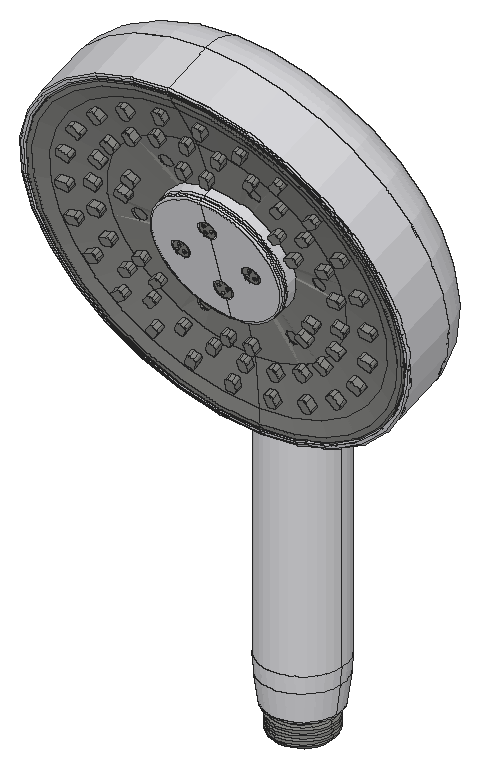
Revit family "Shower-Handshower-KOHLER-Statement_Round-K-R28694T_1", category Plumbing Fixtures, host Face, Revit 2021 (continued)
Definition of nested family "K-R28694T"
  Lines and regions (in)
    symbolic lines, detail levels medium+fine
      curve 190: spline (-2.05245, 0, 6.14587) -> (-2.0571, 0, 6.14507) -> (-2.0616, 0, 6.14369) -> (-2.06586, 0, 6.14176) -> (-2.06982, 0, 6.13931) -> (-2.0734, 0, 6.13639) -> (-2.07654, 0, 6.13305) -> (-2.0792, 0, 6.12934) -> (-2.08132, 0, 6.12534) -> (-2.08286, 0, 6.12109) -> (-2.08381, 0, 6.11669) -> (-2.08414, 0, 6.11221) -> (-2.08385, 0, 6.10772)
      curve 191: spline (-2.08385, 0, 6.10772) -> (-2.08332, 0, 6.10356) -> (-2.08278, 0, 6.09941) -> (-2.08224, 0, 6.09526) -> (-2.08171, 0, 6.09111) -> (-2.08117, 0, 6.08696) -> (-2.08064, 0, 6.08281) -> (-2.0801, 0, 6.07866) -> (-2.07956, 0, 6.07451) -> (-2.07903, 0, 6.07036) -> (-2.07849, 0, 6.06621) -> (-2.07796, 0, 6.06205) -> (-2.07742, 0, 6.0579)
      curve 192: spline (-2.07742, 0, 6.0579) -> (-2.07654, 0, 6.05348) -> (-2.07505, 0, 6.04919) -> (-2.07299, 0, 6.04512) -> (-2.0704, 0, 6.04134) -> (-2.0673, 0, 6.03791) -> (-2.06377, 0, 6.03489) -> (-2.05985, 0, 6.03233) -> (-2.05562, 0, 6.03028) -> (-2.05115, 0, 6.02876) -> (-2.04651, 0, 6.02781) -> (-2.04178, 0, 6.02745) -> (-2.03705, 0, 6.02767)
      curve 193: spline (-2.03705, 0, 6.02767) -> (-2.02811, 0, 6.02865) -> (-2.01917, 0, 6.02964) -> (-2.01023, 0, 6.03062) -> (-2.00129, 0, 6.0316) -> (-1.99235, 0, 6.03259) -> (-1.98341, 0, 6.03357) -> (-1.97448, 0, 6.03456) -> (-1.96554, 0, 6.03554) -> (-1.9566, 0, 6.03653) -> (-1.94766, 0, 6.03751) -> (-1.93872, 0, 6.0385) -> (-1.92978, 0, 6.03948)
      curve 194: spline (-1.92978, 0, 6.03948) -> (-1.92511, 0, 6.0403) -> (-1.9206, 0, 6.04168) -> (-1.91632, 0, 6.04362) -> (-1.91235, 0, 6.04607) -> (-1.90876, 0, 6.049) -> (-1.9056, 0, 6.05236) -> (-1.90294, 0, 6.05608) -> (-1.90081, 0, 6.0601) -> (-1.89926, 0, 6.06435) -> (-1.89831, 0, 6.06877) -> (-1.89797, 0, 6.07327) -> (-1.89826, 0, 6.07778)
      curve 195: spline (-1.89826, 0, 6.07778) -> (-1.8988, 0, 6.08192) -> (-1.89933, 0, 6.08606) -> (-1.89987, 0, 6.0902) -> (-1.9004, 0, 6.09434) -> (-1.90094, 0, 6.09848) -> (-1.90147, 0, 6.10263) -> (-1.90201, 0, 6.10677) -> (-1.90254, 0, 6.11091) -> (-1.90308, 0, 6.11505) -> (-1.90361, 0, 6.11919) -> (-1.90415, 0, 6.12333) -> (-1.90468, 0, 6.12748)
      curve 196: spline (-1.90468, 0, 6.12748) -> (-1.90556, 0, 6.1319) -> (-1.90705, 0, 6.13619) -> (-1.90911, 0, 6.14026) -> (-1.91171, 0, 6.14404) -> (-1.9148, 0, 6.14747) -> (-1.91833, 0, 6.15049) -> (-1.92225, 0, 6.15305) -> (-1.92648, 0, 6.1551) -> (-1.93096, 0, 6.15662) -> (-1.93559, 0, 6.15756) -> (-1.94032, 0, 6.15793) -> (-1.94505, 0, 6.1577)
      curve 197: spline (-1.88395, 0, 5.53922) -> (-1.8756, 0, 5.54236) -> (-1.86725, 0, 5.54551) -> (-1.8589, 0, 5.54866) -> (-1.85055, 0, 5.55181) -> (-1.8422, 0, 5.55496) -> (-1.83385, 0, 5.55811) -> (-1.8255, 0, 5.56125) -> (-1.81715, 0, 5.5644) -> (-1.8088, 0, 5.56755) -> (-1.80044, 0, 5.5707) -> (-1.79209, 0, 5.57385) -> (-1.78374, 0, 5.577)
      curve 198: spline (-1.93117, 0, 5.55864) -> (-1.92912, 0, 5.55456) -> (-1.92654, 0, 5.55077) -> (-1.92345, 0, 5.54732) -> (-1.91991, 0, 5.54429) -> (-1.91599, 0, 5.54172) -> (-1.91175, 0, 5.53965) -> (-1.90727, 0, 5.53813) -> (-1.90262, 0, 5.53718) -> (-1.89788, 0, 5.53681) -> (-1.89313, 0, 5.53703) -> (-1.88846, 0, 5.53784) -> (-1.88395, 0, 5.53922)
      curve 199: spline (-1.95088, 0, 5.60503) -> (-1.94924, 0, 5.60116) -> (-1.9476, 0, 5.5973) -> (-1.94595, 0, 5.59343) -> (-1.94431, 0, 5.58956) -> (-1.94267, 0, 5.5857) -> (-1.94103, 0, 5.58183) -> (-1.93938, 0, 5.57797) -> (-1.93774, 0, 5.5741) -> (-1.9361, 0, 5.57024) -> (-1.93446, 0, 5.56637) -> (-1.93281, 0, 5.56251) -> (-1.93117, 0, 5.55864)
      curve 200: spline (-1.931, 0, 5.64961) -> (-1.93527, 0, 5.64768) -> (-1.93922, 0, 5.64524) -> (-1.94281, 0, 5.64233) -> (-1.94596, 0, 5.639) -> (-1.94861, 0, 5.6353) -> (-1.95074, 0, 5.6313) -> (-1.95228, 0, 5.62706) -> (-1.95324, 0, 5.62267) -> (-1.95357, 0, 5.61819) -> (-1.95329, 0, 5.61371) -> (-1.95238, 0, 5.6093) -> (-1.95088, 0, 5.60503)
      curve 201: spline (-1.83067, 0, 5.68744) -> (-1.83903, 0, 5.68428) -> (-1.8474, 0, 5.68113) -> (-1.85576, 0, 5.67797) -> (-1.86412, 0, 5.67482) -> (-1.87248, 0, 5.67167) -> (-1.88084, 0, 5.66852) -> (-1.8892, 0, 5.66536) -> (-1.89756, 0, 5.66221) -> (-1.90592, 0, 5.65906) -> (-1.91428, 0, 5.65591) -> (-1.92264, 0, 5.65276) -> (-1.931, 0, 5.64961)
      curve 202: spline (-1.78346, 0, 5.66803) -> (-1.7855, 0, 5.67211) -> (-1.78809, 0, 5.6759) -> (-1.79118, 0, 5.67934) -> (-1.79472, 0, 5.68238) -> (-1.79864, 0, 5.68495) -> (-1.80288, 0, 5.68701) -> (-1.80736, 0, 5.68853) -> (-1.81201, 0, 5.68948) -> (-1.81675, 0, 5.68985) -> (-1.82149, 0, 5.68963) -> (-1.82616, 0, 5.68882) -> (-1.83067, 0, 5.68744)
      curve 203: spline (-1.76379, 0, 5.62174) -> (-1.76543, 0, 5.6256) -> (-1.76707, 0, 5.62945) -> (-1.76871, 0, 5.63331) -> (-1.77035, 0, 5.63717) -> (-1.77198, 0, 5.64103) -> (-1.77362, 0, 5.64488) -> (-1.77526, 0, 5.64874) -> (-1.7769, 0, 5.6526) -> (-1.77854, 0, 5.65646) -> (-1.78018, 0, 5.66031) -> (-1.78182, 0, 5.66417) -> (-1.78346, 0, 5.66803)
      curve 204: spline (-1.78374, 0, 5.577) -> (-1.77946, 0, 5.57894) -> (-1.77549, 0, 5.58138) -> (-1.7719, 0, 5.58431) -> (-1.76874, 0, 5.58765) -> (-1.76607, 0, 5.59137) -> (-1.76394, 0, 5.59538) -> (-1.76239, 0, 5.59963) -> (-1.76143, 0, 5.60404) -> (-1.76109, 0, 5.60853) -> (-1.76138, 0, 5.61303) -> (-1.76228, 0, 5.61746) -> (-1.76379, 0, 5.62174)
      curve 205: spline (-1.68571, 0, 5.18687) -> (-1.6883, 0, 5.19063) -> (-1.69035, 0, 5.19467) -> (-1.69183, 0, 5.19893) -> (-1.69271, 0, 5.20334) -> (-1.69298, 0, 5.20782) -> (-1.69263, 0, 5.2123) -> (-1.69167, 0, 5.21669) -> (-1.69011, 0, 5.22093) -> (-1.68799, 0, 5.22494) -> (-1.68533, 0, 5.22865) -> (-1.68219, 0, 5.232) -> (-1.67861, 0, 5.23493)
      curve 206: line (-1.67861, 0, 5.23493) -> (-1.59219, 0, 5.29685)
      curve 207: spline (-1.59219, 0, 5.29685) -> (-1.58823, 0, 5.29932) -> (-1.58396, 0, 5.30128) -> (-1.57946, 0, 5.30269) -> (-1.57481, 0, 5.30353) -> (-1.57008, 0, 5.30378) -> (-1.56535, 0, 5.30345) -> (-1.56071, 0, 5.30253) -> (-1.55624, 0, 5.30105) -> (-1.55201, 0, 5.29902) -> (-1.54809, 0, 5.29648) -> (-1.54456, 0, 5.29348) -> (-1.54147, 0, 5.29007)
      curve 208: line (-1.54147, 0, 5.29007) -> (-1.50967, 0, 5.24996)
      curve 209: line (-1.5168, 0, 5.20173) -> (-1.60312, 0, 5.13988)
      curve 210: line (-1.65384, 0, 5.14666) -> (-1.68571, 0, 5.18687)
      curve 211: line (-1.31248, 0, 4.86291) -> (-1.24586, 0, 4.94399)
      curve 212: spline (-1.24586, 0, 4.94399) -> (-1.2427, 0, 4.94735) -> (-1.23911, 0, 4.95029) -> (-1.23515, 0, 4.95276) -> (-1.23088, 0, 4.95472) -> (-1.22638, 0, 4.95613) -> (-1.22173, 0, 4.95697) -> (-1.217, 0, 4.95722) -> (-1.21227, 0, 4.95689) -> (-1.20763, 0, 4.95597) -> (-1.20316, 0, 4.95449) -> (-1.19893, 0, 4.95246) -> (-1.19501, 0, 4.94992)
      curve 213: line (-1.19501, 0, 4.94992) -> (-1.15339, 0, 4.919)
      curve 214: spline (-1.15339, 0, 4.919) -> (-1.14985, 0, 4.916) -> (-1.14676, 0, 4.91259) -> (-1.14416, 0, 4.90882) -> (-1.1421, 0, 4.90476) -> (-1.14062, 0, 4.90049) -> (-1.13974, 0, 4.89606) -> (-1.13947, 0, 4.89156) -> (-1.13982, 0, 4.88707) -> (-1.14078, 0, 4.88266) -> (-1.14235, 0, 4.87841) -> (-1.14448, 0, 4.87438) -> (-1.14714, 0, 4.87066)
      curve 215: line (-1.14714, 0, 4.87066) -> (-1.21368, 0, 4.78968)
      curve 216: spline (-1.21368, 0, 4.78968) -> (-1.21684, 0, 4.78632) -> (-1.22043, 0, 4.78338) -> (-1.22439, 0, 4.78091) -> (-1.22866, 0, 4.77895) -> (-1.23316, 0, 4.77754) -> (-1.23781, 0, 4.7767) -> (-1.24254, 0, 4.77645) -> (-1.24727, 0, 4.77678) -> (-1.25191, 0, 4.7777) -> (-1.25638, 0, 4.77918) -> (-1.26061, 0, 4.78121) -> (-1.26453, 0, 4.78375)
      curve 217: line (-1.26453, 0, 4.78375) -> (-1.30626, 0, 4.81475)
      curve 218: spline (-1.30626, 0, 4.81475) -> (-1.30978, 0, 4.81773) -> (-1.31286, 0, 4.82113) -> (-1.31545, 0, 4.82489) -> (-1.3175, 0, 4.82893) -> (-1.31898, 0, 4.83319) -> (-1.31986, 0, 4.8376) -> (-1.32013, 0, 4.84209) -> (-1.31978, 0, 4.84656) -> (-1.31882, 0, 4.85096) -> (-1.31726, 0, 4.85519) -> (-1.31513, 0, 4.8592) -> (-1.31248, 0, 4.86291)
      curve 219: line (-0.78969, 0, 4.529) -> (-0.83843, 0, 4.54868)
      curve 220: spline (-0.83843, 0, 4.54868) -> (-0.84265, 0, 4.5507) -> (-0.84655, 0, 4.55322) -> (-0.85007, 0, 4.55621) -> (-0.85315, 0, 4.55961) -> (-0.85574, 0, 4.56337) -> (-0.85779, 0, 4.56741) -> (-0.85927, 0, 4.57167) -> (-0.86015, 0, 4.57608) -> (-0.86042, 0, 4.58056) -> (-0.86007, 0, 4.58504) -> (-0.85911, 0, 4.58944) -> (-0.85755, 0, 4.59367)
      curve 221: line (-0.85755, 0, 4.59367) -> (-0.81527, 0, 4.68838)
      curve 222: spline (-0.81527, 0, 4.68838) -> (-0.81314, 0, 4.6924) -> (-0.81047, 0, 4.69613) -> (-0.80732, 0, 4.69949) -> (-0.80373, 0, 4.70243) -> (-0.79977, 0, 4.7049) -> (-0.7955, 0, 4.70686) -> (-0.791, 0, 4.70827) -> (-0.78635, 0, 4.70911) -> (-0.78161, 0, 4.70936) -> (-0.77689, 0, 4.70903) -> (-0.77225, 0, 4.70811) -> (-0.76778, 0, 4.70663)
      curve 223: line (-0.76778, 0, 4.70663) -> (-0.71915, 0, 4.687)
      curve 224: spline (-0.71915, 0, 4.687) -> (-0.71492, 0, 4.68497) -> (-0.711, 0, 4.68244) -> (-0.70747, 0, 4.67944) -> (-0.70438, 0, 4.67602) -> (-0.70178, 0, 4.67226) -> (-0.69972, 0, 4.6682) -> (-0.69824, 0, 4.66392) -> (-0.69735, 0, 4.6595) -> (-0.69708, 0, 4.655) -> (-0.69744, 0, 4.65051) -> (-0.6984, 0, 4.6461) -> (-0.69996, 0, 4.64184)
      curve 225: line (-0.69996, 0, 4.64184) -> (-0.74219, 0, 4.54725)
      curve 226: spline (-0.74219, 0, 4.54725) -> (-0.74433, 0, 4.54323) -> (-0.74699, 0, 4.5395) -> (-0.75015, 0, 4.53614) -> (-0.75374, 0, 4.5332) -> (-0.7577, 0, 4.53073) -> (-0.76197, 0, 4.52877) -> (-0.76646, 0, 4.52736) -> (-0.77112, 0, 4.52652) -> (-0.77585, 0, 4.52627) -> (-0.78057, 0, 4.5266) -> (-0.78521, 0, 4.52752) -> (-0.78969, 0, 4.529)
      curve 227: line (-0.78969, 0, 4.529) -> (-0.83843, 0, 4.54868)
      curve 228: line (-0.28887, 0, 4.57675) -> (-0.23656, 0, 4.56976)
      curve 229: spline (-0.32978, 0, 4.54744) -> (-0.32882, 0, 4.55185) -> (-0.32725, 0, 4.55611) -> (-0.32512, 0, 4.56013) -> (-0.32245, 0, 4.56385) -> (-0.3193, 0, 4.56721) -> (-0.31571, 0, 4.57015) -> (-0.31175, 0, 4.57262) -> (-0.30748, 0, 4.57458) -> (-0.30298, 0, 4.57599) -> (-0.29833, 0, 4.57683) -> (-0.2936, 0, 4.57709) -> (-0.28887, 0, 4.57675)
      curve 230: spline (-0.23656, 0, 4.56976) -> (-0.23192, 0, 4.56885) -> (-0.22745, 0, 4.56736) -> (-0.22322, 0, 4.56533) -> (-0.2193, 0, 4.5628) -> (-0.21577, 0, 4.5598) -> (-0.21267, 0, 4.55639) -> (-0.21008, 0, 4.55262) -> (-0.20802, 0, 4.54856) -> (-0.20653, 0, 4.54428) -> (-0.20565, 0, 4.53986) -> (-0.20538, 0, 4.53536) -> (-0.20573, 0, 4.53087)
      curve 231: line (-0.20573, 0, 4.53087) -> (-0.22077, 0, 4.4291)
      curve 232: spline (-0.22077, 0, 4.4291) -> (-0.22174, 0, 4.42469) -> (-0.2233, 0, 4.42044) -> (-0.22543, 0, 4.41642) -> (-0.2281, 0, 4.41269) -> (-0.23125, 0, 4.40933) -> (-0.23484, 0, 4.40639) -> (-0.23881, 0, 4.40392) -> (-0.24307, 0, 4.40197) -> (-0.24757, 0, 4.40056) -> (-0.25223, 0, 4.39972) -> (-0.25696, 0, 4.39946) -> (-0.26168, 0, 4.39979)
      curve 233: line (-0.26168, 0, 4.39979) -> (-0.31412, 0, 4.4068)
      curve 234: spline (-0.31412, 0, 4.4068) -> (-0.31875, 0, 4.40772) -> (-0.3232, 0, 4.4092) -> (-0.32742, 0, 4.41122) -> (-0.33132, 0, 4.41374) -> (-0.33484, 0, 4.41673) -> (-0.33792, 0, 4.42013) -> (-0.34051, 0, 4.42389) -> (-0.34256, 0, 4.42793) -> (-0.34404, 0, 4.43219) -> (-0.34492, 0, 4.4366) -> (-0.34519, 0, 4.44108) -> (-0.34484, 0, 4.44556)
      curve 235: line (-0.34484, 0, 4.44556) -> (-0.32978, 0, 4.54744)
      curve 236: spline (-0.06826, 0, 4.92577) -> (-0.06774, 0, 4.93064) -> (-0.06656, 0, 4.9354) -> (-0.06474, 0, 4.93998) -> (-0.0623, 0, 4.9443) -> (-0.05929, 0, 4.94827) -> (-0.05576, 0, 4.95184) -> (-0.05177, 0, 4.95493) -> (-0.04739, 0, 4.95751) -> (-0.0427, 0, 4.95952) -> (-0.03777, 0, 4.96093) -> (-0.03269, 0, 4.96172) -> (-0.02754, 0, 4.96187)
      curve 237: line (-0.07148, 0, 4.83815) -> (-0.06826, 0, 4.92577)
      curve 238: spline (0.01706, 0, 4.96039) -> (0.02218, 0, 4.9599) -> (0.0272, 0, 4.95878) -> (0.03201, 0, 4.95704) -> (0.03655, 0, 4.95472) -> (0.04073, 0, 4.95186) -> (0.04448, 0, 4.94851) -> (0.04774, 0, 4.94472) -> (0.05045, 0, 4.94055) -> (0.05256, 0, 4.93609) -> (0.05405, 0, 4.9314) -> (0.05487, 0, 4.92657) -> (0.05503, 0, 4.92167)
      curve 239: line (-0.02754, 0, 4.96187) -> (0.01706, 0, 4.96039)
      curve 240: line (0.05503, 0, 4.92167) -> (0.05181, 0, 4.83405)
      curve 241: spline (0.05181, 0, 4.83405) -> (0.0513, 0, 4.82918) -> (0.05012, 0, 4.82441) -> (0.04829, 0, 4.81983) -> (0.04586, 0, 4.81552) -> (0.04285, 0, 4.81155) -> (0.03932, 0, 4.80798) -> (0.03533, 0, 4.80488) -> (0.03095, 0, 4.80231) -> (0.02626, 0, 4.8003) -> (0.02132, 0, 4.79888) -> (0.01624, 0, 4.7981) -> (0.01109, 0, 4.79795)
      curve 242: line (0.01109, 0, 4.79795) -> (-0.0335, 0, 4.79943)
      curve 243: spline (-0.0335, 0, 4.79943) -> (-0.03863, 0, 4.79992) -> (-0.04364, 0, 4.80104) -> (-0.04846, 0, 4.80278) -> (-0.05299, 0, 4.80509) -> (-0.05717, 0, 4.80795) -> (-0.06092, 0, 4.81131) -> (-0.06418, 0, 4.8151) -> (-0.06689, 0, 4.81927) -> (-0.06901, 0, 4.82373) -> (-0.07049, 0, 4.82842) -> (-0.07132, 0, 4.83325) -> (-0.07148, 0, 4.83815)
      curve 244: line (-0.41061, 0, 5.03233) -> (-0.36794, 0, 5.01993)
      curve 245: spline (-0.45977, 0, 5.00748) -> (-0.45795, 0, 5.01206) -> (-0.45551, 0, 5.01637) -> (-0.4525, 0, 5.02035) -> (-0.44897, 0, 5.02391) -> (-0.44498, 0, 5.02701) -> (-0.4406, 0, 5.02959) -> (-0.43591, 0, 5.0316) -> (-0.43098, 0, 5.03301) -> (-0.42589, 0, 5.0338) -> (-0.42075, 0, 5.03395) -> (-0.41562, 0, 5.03346) -> (-0.41061, 0, 5.03233)
      curve 246: line (-0.48673, 0, 4.92364) -> (-0.45977, 0, 5.00748)
      curve 247: line (-0.41792, 0, 4.86449) -> (-0.46059, 0, 4.8769)
      curve 248: spline (-0.46059, 0, 4.8769) -> (-0.46541, 0, 4.87863) -> (-0.46994, 0, 4.88095) -> (-0.47412, 0, 4.88381) -> (-0.47787, 0, 4.88716) -> (-0.48113, 0, 4.89096) -> (-0.48384, 0, 4.89512) -> (-0.48596, 0, 4.89958) -> (-0.48744, 0, 4.90427) -> (-0.48827, 0, 4.90911) -> (-0.48843, 0, 4.914) -> (-0.48791, 0, 4.91887) -> (-0.48673, 0, 4.92364)
      curve 249: spline (-0.36876, 0, 4.88934) -> (-0.37058, 0, 4.88477) -> (-0.37302, 0, 4.88045) -> (-0.37603, 0, 4.87648) -> (-0.37956, 0, 4.87291) -> (-0.38354, 0, 4.86981) -> (-0.38792, 0, 4.86724) -> (-0.39262, 0, 4.86523) -> (-0.39755, 0, 4.86382) -> (-0.40263, 0, 4.86303) -> (-0.40778, 0, 4.86288) -> (-0.4129, 0, 4.86337) -> (-0.41792, 0, 4.86449)
      curve 250: line (-0.3418, 0, 4.97319) -> (-0.36876, 0, 4.88934)
      curve 251: spline (-0.36794, 0, 5.01993) -> (-0.36312, 0, 5.01819) -> (-0.35858, 0, 5.01588) -> (-0.3544, 0, 5.01302) -> (-0.35065, 0, 5.00966) -> (-0.34739, 0, 5.00587) -> (-0.34468, 0, 5.00171) -> (-0.34257, 0, 4.99724) -> (-0.34109, 0, 4.99255) -> (-0.34026, 0, 4.98772) -> (-0.3401, 0, 4.98282) -> (-0.34062, 0, 4.97795) -> (-0.3418, 0, 4.97319)
      curve 252: line (-0.41061, 0, 5.03233) -> (-0.36794, 0, 5.01993)
      curve 253: line (-0.76821, 0, 5.15729) -> (-0.73037, 0, 5.13481)
      curve 254: spline (-0.82246, 0, 5.14538) -> (-0.81945, 0, 5.14936) -> (-0.81592, 0, 5.15292) -> (-0.81194, 0, 5.15602) -> (-0.80756, 0, 5.1586) -> (-0.80286, 0, 5.16061) -> (-0.79793, 0, 5.16202) -> (-0.79285, 0, 5.16281) -> (-0.7877, 0, 5.16296) -> (-0.78258, 0, 5.16247) -> (-0.77756, 0, 5.16135) -> (-0.77275, 0, 5.15961) -> (-0.76821, 0, 5.15729)
      curve 255: line (-0.87133, 0, 5.07103) -> (-0.82246, 0, 5.14538)
      curve 256: spline (-0.8588, 0, 5.01945) -> (-0.86298, 0, 5.02231) -> (-0.86673, 0, 5.02567) -> (-0.86999, 0, 5.02946) -> (-0.8727, 0, 5.03362) -> (-0.87481, 0, 5.03809) -> (-0.8763, 0, 5.04278) -> (-0.87713, 0, 5.04761) -> (-0.87728, 0, 5.0525) -> (-0.87677, 0, 5.05737) -> (-0.87559, 0, 5.06214) -> (-0.87376, 0, 5.06672) -> (-0.87133, 0, 5.07103)
      curve 257: line (-0.82096, 0, 4.99697) -> (-0.8588, 0, 5.01945)
      curve 258: spline (-0.76671, 0, 5.00888) -> (-0.76971, 0, 5.0049) -> (-0.77324, 0, 5.00134) -> (-0.77723, 0, 4.99824) -> (-0.78161, 0, 4.99566) -> (-0.78631, 0, 4.99365) -> (-0.79124, 0, 4.99224) -> (-0.79632, 0, 4.99145) -> (-0.80147, 0, 4.9913) -> (-0.80659, 0, 4.99179) -> (-0.8116, 0, 4.99291) -> (-0.81642, 0, 4.99465) -> (-0.82096, 0, 4.99697)
      curve 259: line (-0.71784, 0, 5.08323) -> (-0.76671, 0, 5.00888)
      curve 260: spline (-0.73037, 0, 5.13481) -> (-0.72619, 0, 5.13195) -> (-0.72244, 0, 5.12859) -> (-0.71918, 0, 5.1248) -> (-0.71647, 0, 5.12064) -> (-0.71435, 0, 5.11617) -> (-0.71287, 0, 5.11148) -> (-0.71204, 0, 5.10665) -> (-0.71188, 0, 5.10176) -> (-0.7124, 0, 5.09689) -> (-0.71358, 0, 5.09212) -> (-0.71541, 0, 5.08754) -> (-0.71784, 0, 5.08323)
      curve 261: line (-0.76821, 0, 5.15729) -> (-0.73037, 0, 5.13481)
      curve 262: line (-0.76821, 0, 5.15729) -> (-0.73037, 0, 5.13481)
      curve 263: spline (-1.16021, 0, 5.38843) -> (-1.15634, 0, 5.39166) -> (-1.15205, 0, 5.39438) -> (-1.14744, 0, 5.39655) -> (-1.14256, 0, 5.39812) -> (-1.13751, 0, 5.39908) -> (-1.13237, 0, 5.3994) -> (-1.12723, 0, 5.39908) -> (-1.12218, 0, 5.39812) -> (-1.1173, 0, 5.39655) -> (-1.11268, 0, 5.39438) -> (-1.1084, 0, 5.39166) -> (-1.10453, 0, 5.38843)
      curve 264: line (-1.22541, 0, 5.32644) -> (-1.16021, 0, 5.38843)
      curve 265: spline (-1.22541, 0, 5.2735) -> (-1.2288, 0, 5.27718) -> (-1.23167, 0, 5.28125) -> (-1.23394, 0, 5.28564) -> (-1.2356, 0, 5.29028) -> (-1.2366, 0, 5.29508) -> (-1.23694, 0, 5.29997) -> (-1.2366, 0, 5.30485) -> (-1.2356, 0, 5.30966) -> (-1.23394, 0, 5.31429) -> (-1.23167, 0, 5.31868) -> (-1.2288, 0, 5.32276) -> (-1.22541, 0, 5.32644)
      curve 266: line (-1.19386, 0, 5.2435) -> (-1.22541, 0, 5.2735)
      curve 267: spline (-1.13818, 0, 5.2435) -> (-1.14205, 0, 5.24027) -> (-1.14633, 0, 5.23755) -> (-1.15095, 0, 5.23538) -> (-1.15583, 0, 5.23381) -> (-1.16088, 0, 5.23285) -> (-1.16602, 0, 5.23253) -> (-1.17115, 0, 5.23285) -> (-1.17621, 0, 5.23381) -> (-1.18108, 0, 5.23538) -> (-1.1857, 0, 5.23755) -> (-1.18998, 0, 5.24027) -> (-1.19386, 0, 5.2435)
      curve 268: line (-1.07298, 0, 5.30549) -> (-1.13818, 0, 5.2435)
      curve 269: spline (-1.07298, 0, 5.35843) -> (-1.06958, 0, 5.35475) -> (-1.06672, 0, 5.35068) -> (-1.06444, 0, 5.34628) -> (-1.06279, 0, 5.34165) -> (-1.06178, 0, 5.33685) -> (-1.06144, 0, 5.33196) -> (-1.06178, 0, 5.32707) -> (-1.06279, 0, 5.32227) -> (-1.06444, 0, 5.31763) -> (-1.06672, 0, 5.31324) -> (-1.06958, 0, 5.30917) -> (-1.07298, 0, 5.30549)
      curve 270: line (-1.10453, 0, 5.38843) -> (-1.07298, 0, 5.35843)
      curve 271: line (-1.33278, 0, 5.60572) -> (-1.41263, 0, 5.56188)
      curve 272: line (-1.47431, 0, 5.66346) -> (-1.39446, 0, 5.7073)
      curve 273: spline (-1.39446, 0, 5.7073) -> (-1.38984, 0, 5.70946) -> (-1.38496, 0, 5.71104) -> (-1.37991, 0, 5.71199) -> (-1.37477, 0, 5.71231) -> (-1.36963, 0, 5.71199) -> (-1.36458, 0, 5.71104) -> (-1.35971, 0, 5.70946) -> (-1.35509, 0, 5.7073) -> (-1.35081, 0, 5.70458) -> (-1.34693, 0, 5.70135) -> (-1.34354, 0, 5.69767) -> (-1.34068, 0, 5.6936)
      curve 274: line (-1.34068, 0, 5.6936) -> (-1.31837, 0, 5.65685)
      curve 275: spline (-1.31837, 0, 5.65685) -> (-1.31609, 0, 5.65246) -> (-1.31443, 0, 5.64782) -> (-1.31343, 0, 5.64302) -> (-1.31309, 0, 5.63813) -> (-1.31343, 0, 5.63325) -> (-1.31443, 0, 5.62845) -> (-1.31609, 0, 5.62381) -> (-1.31837, 0, 5.61942) -> (-1.32123, 0, 5.61535) -> (-1.32462, 0, 5.61166) -> (-1.32849, 0, 5.60844) -> (-1.33278, 0, 5.60572)
      curve 276: line (-1.46641, 0, 5.57558) -> (-1.48872, 0, 5.61233)
      curve 277: spline (-1.48872, 0, 5.61233) -> (-1.491, 0, 5.61672) -> (-1.49266, 0, 5.62135) -> (-1.49366, 0, 5.62616) -> (-1.494, 0, 5.63104) -> (-1.49366, 0, 5.63593) -> (-1.49266, 0, 5.64073) -> (-1.491, 0, 5.64537) -> (-1.48872, 0, 5.64976) -> (-1.48586, 0, 5.65383) -> (-1.48247, 0, 5.65751) -> (-1.4786, 0, 5.66074) -> (-1.47431, 0, 5.66346)
      curve 278: line (-1.47431, 0, 5.66346) -> (-1.39446, 0, 5.7073)
      curve 279: line (-1.47431, 0, 5.66346) -> (-1.39446, 0, 5.7073)
      curve 280: spline (-1.41263, 0, 5.56188) -> (-1.41725, 0, 5.55971) -> (-1.42213, 0, 5.55814) -> (-1.42718, 0, 5.55718) -> (-1.43232, 0, 5.55686) -> (-1.43746, 0, 5.55718) -> (-1.44251, 0, 5.55814) -> (-1.44738, 0, 5.55971) -> (-1.452, 0, 5.56188) -> (-1.45628, 0, 5.5646) -> (-1.46016, 0, 5.56783) -> (-1.46355, 0, 5.57151) -> (-1.46641, 0, 5.57558)
      curve 281: spline (-1.53348, 0, 6.07333) -> (-1.52842, 0, 6.07428) -> (-1.52329, 0, 6.0746) -> (-1.51815, 0, 6.07428) -> (-1.5131, 0, 6.07333) -> (-1.50822, 0, 6.07175) -> (-1.5036, 0, 6.06959) -> (-1.49932, 0, 6.06687) -> (-1.49545, 0, 6.06364) -> (-1.49205, 0, 6.05996) -> (-1.48919, 0, 6.05589) -> (-1.48691, 0, 6.05149) -> (-1.48526, 0, 6.04686)
      curve 282: line (-1.62254, 0, 6.05064) -> (-1.53348, 0, 6.07333)
      curve 283: spline (-1.65038, 0, 6.00479) -> (-1.65139, 0, 6.00959) -> (-1.65172, 0, 6.01448) -> (-1.65139, 0, 6.01936) -> (-1.65038, 0, 6.02417) -> (-1.64873, 0, 6.0288) -> (-1.64645, 0, 6.03319) -> (-1.64359, 0, 6.03727) -> (-1.64019, 0, 6.04095) -> (-1.63632, 0, 6.04418) -> (-1.63204, 0, 6.0469) -> (-1.62742, 0, 6.04906) -> (-1.62254, 0, 6.05064)
      curve 284: line (-1.63883, 0, 5.96381) -> (-1.65038, 0, 6.00479)
      curve 285: spline (-1.59061, 0, 5.93734) -> (-1.59566, 0, 5.93638) -> (-1.6008, 0, 5.93606) -> (-1.60594, 0, 5.93638) -> (-1.61099, 0, 5.93734) -> (-1.61587, 0, 5.93891) -> (-1.62049, 0, 5.94108) -> (-1.62477, 0, 5.9438) -> (-1.62864, 0, 5.94703) -> (-1.63204, 0, 5.95071) -> (-1.6349, 0, 5.95478) -> (-1.63718, 0, 5.95917) -> (-1.63883, 0, 5.96381)
      curve 286: line (-1.50155, 0, 5.96003) -> (-1.59061, 0, 5.93734)
      curve 287: spline (-1.47371, 0, 6.00587) -> (-1.4727, 0, 6.00107) -> (-1.47237, 0, 5.99619) -> (-1.4727, 0, 5.9913) -> (-1.47371, 0, 5.9865) -> (-1.47536, 0, 5.98186) -> (-1.47764, 0, 5.97747) -> (-1.4805, 0, 5.9734) -> (-1.4839, 0, 5.96972) -> (-1.48777, 0, 5.96649) -> (-1.49205, 0, 5.96377) -> (-1.49667, 0, 5.9616) -> (-1.50155, 0, 5.96003)
      curve 288: line (-1.48526, 0, 6.04686) -> (-1.47371, 0, 6.00587)
      curve 289: spline (-1.57398, 0, 6.46009) -> (-1.56884, 0, 6.45977) -> (-1.56379, 0, 6.45882) -> (-1.55891, 0, 6.45724) -> (-1.55429, 0, 6.45508) -> (-1.55001, 0, 6.45236) -> (-1.54614, 0, 6.44913) -> (-1.54274, 0, 6.44545) -> (-1.53988, 0, 6.44138) -> (-1.5376, 0, 6.43699) -> (-1.53595, 0, 6.43235) -> (-1.53494, 0, 6.42755) -> (-1.53461, 0, 6.42266)
      curve 290: line (-1.66619, 0, 6.46009) -> (-1.57398, 0, 6.46009)
      curve 291: spline (-1.70556, 0, 6.42266) -> (-1.70522, 0, 6.42755) -> (-1.70422, 0, 6.43235) -> (-1.70256, 0, 6.43699) -> (-1.70028, 0, 6.44138) -> (-1.69742, 0, 6.44545) -> (-1.69403, 0, 6.44913) -> (-1.69015, 0, 6.45236) -> (-1.68587, 0, 6.45508) -> (-1.68125, 0, 6.45724) -> (-1.67638, 0, 6.45882) -> (-1.67133, 0, 6.45977) -> (-1.66619, 0, 6.46009)
      curve 292: spline (-1.66619, 0, 6.3428) -> (-1.67133, 0, 6.34312) -> (-1.67638, 0, 6.34407) -> (-1.68125, 0, 6.34565) -> (-1.68587, 0, 6.34781) -> (-1.69015, 0, 6.35053) -> (-1.69403, 0, 6.35376) -> (-1.69742, 0, 6.35744) -> (-1.70028, 0, 6.36151) -> (-1.70256, 0, 6.36591) -> (-1.70422, 0, 6.37054) -> (-1.70522, 0, 6.37535) -> (-1.70556, 0, 6.38023)
      curve 293: line (-1.57398, 0, 6.3428) -> (-1.66619, 0, 6.3428)
      curve 294: spline (-1.53461, 0, 6.38023) -> (-1.53494, 0, 6.37535) -> (-1.53595, 0, 6.37054) -> (-1.5376, 0, 6.36591) -> (-1.53988, 0, 6.36151) -> (-1.54274, 0, 6.35744) -> (-1.54614, 0, 6.35376) -> (-1.55001, 0, 6.35053) -> (-1.55429, 0, 6.34781) -> (-1.55891, 0, 6.34565) -> (-1.56379, 0, 6.34407) -> (-1.56884, 0, 6.34312) -> (-1.57398, 0, 6.3428)
      curve 295: line (-1.59352, 0, 6.86384) -> (-1.50446, 0, 6.84115)
      curve 296: spline (-1.50446, 0, 6.84115) -> (-1.49958, 0, 6.83957) -> (-1.49496, 0, 6.83741) -> (-1.49068, 0, 6.83469) -> (-1.48681, 0, 6.83146) -> (-1.48341, 0, 6.82778) -> (-1.48055, 0, 6.82371) -> (-1.47827, 0, 6.81932) -> (-1.47662, 0, 6.81468) -> (-1.47561, 0, 6.80988) -> (-1.47528, 0, 6.80499) -> (-1.47561, 0, 6.8001) -> (-1.47662, 0, 6.7953)
      curve 297: line (-1.47662, 0, 6.7953) -> (-1.48817, 0, 6.75432)
      curve 298: spline (-1.48817, 0, 6.75432) -> (-1.48982, 0, 6.74968) -> (-1.4921, 0, 6.74529) -> (-1.49496, 0, 6.74122) -> (-1.49836, 0, 6.73754) -> (-1.50223, 0, 6.73431) -> (-1.50651, 0, 6.73159) -> (-1.51113, 0, 6.72942) -> (-1.51601, 0, 6.72785) -> (-1.52106, 0, 6.72689) -> (-1.5262, 0, 6.72657) -> (-1.53134, 0, 6.72689) -> (-1.53639, 0, 6.72785)
      curve 299: line (-1.53639, 0, 6.72785) -> (-1.62545, 0, 6.75054)
      curve 300: spline (-1.62545, 0, 6.75054) -> (-1.63033, 0, 6.75211) -> (-1.63495, 0, 6.75428) -> (-1.63923, 0, 6.757) -> (-1.6431, 0, 6.76023) -> (-1.6465, 0, 6.76391) -> (-1.64936, 0, 6.76798) -> (-1.65164, 0, 6.77237) -> (-1.65329, 0, 6.77701) -> (-1.6543, 0, 6.78181) -> (-1.65463, 0, 6.7867) -> (-1.6543, 0, 6.79158) -> (-1.65329, 0, 6.79639)
      curve 301: line (-1.65329, 0, 6.79639) -> (-1.64174, 0, 6.83737)
      curve 302: spline (-1.64174, 0, 6.83737) -> (-1.64009, 0, 6.84201) -> (-1.63781, 0, 6.8464) -> (-1.63495, 0, 6.85047) -> (-1.63155, 0, 6.85415) -> (-1.62768, 0, 6.85738) -> (-1.6234, 0, 6.8601) -> (-1.61878, 0, 6.86227) -> (-1.6139, 0, 6.86384) -> (-1.60885, 0, 6.86479) -> (-1.60371, 0, 6.86512) -> (-1.59858, 0, 6.86479) -> (-1.59352, 0, 6.86384)
      curve 303: line (-1.4037, 0, 7.25945) -> (-1.32384, 0, 7.21561)
      curve 304: spline (-1.45748, 0, 7.24575) -> (-1.45462, 0, 7.24982) -> (-1.45122, 0, 7.2535) -> (-1.44735, 0, 7.25673) -> (-1.44307, 0, 7.25945) -> (-1.43845, 0, 7.26162) -> (-1.43357, 0, 7.26319) -> (-1.42852, 0, 7.26415) -> (-1.42338, 0, 7.26447) -> (-1.41824, 0, 7.26415) -> (-1.41319, 0, 7.26319) -> (-1.40832, 0, 7.26162) -> (-1.4037, 0, 7.25945)
      curve 305: line (-1.47979, 0, 7.209) -> (-1.45748, 0, 7.24575)
      curve 306: spline (-1.46538, 0, 7.15787) -> (-1.46966, 0, 7.16059) -> (-1.47353, 0, 7.16382) -> (-1.47693, 0, 7.1675) -> (-1.47979, 0, 7.17157) -> (-1.48207, 0, 7.17596) -> (-1.48372, 0, 7.1806) -> (-1.48473, 0, 7.1854) -> (-1.48506, 0, 7.19029) -> (-1.48473, 0, 7.19517) -> (-1.48372, 0, 7.19998) -> (-1.48207, 0, 7.20461) -> (-1.47979, 0, 7.209)
      curve 307: line (-1.38552, 0, 7.11403) -> (-1.46538, 0, 7.15787)
      curve 308: spline (-1.33174, 0, 7.12773) -> (-1.3346, 0, 7.12366) -> (-1.338, 0, 7.11998) -> (-1.34187, 0, 7.11675) -> (-1.34615, 0, 7.11403) -> (-1.35077, 0, 7.11187) -> (-1.35565, 0, 7.11029) -> (-1.3607, 0, 7.10934) -> (-1.36584, 0, 7.10902) -> (-1.37098, 0, 7.10934) -> (-1.37603, 0, 7.11029) -> (-1.3809, 0, 7.11187) -> (-1.38552, 0, 7.11403)
      curve 309: line (-1.30943, 0, 7.16448) -> (-1.33174, 0, 7.12773)
      curve 310: spline (-1.32384, 0, 7.21561) -> (-1.31956, 0, 7.21289) -> (-1.31569, 0, 7.20967) -> (-1.31229, 0, 7.20598) -> (-1.30943, 0, 7.20191) -> (-1.30715, 0, 7.19752) -> (-1.3055, 0, 7.19288) -> (-1.30449, 0, 7.18808) -> (-1.30416, 0, 7.1832) -> (-1.30449, 0, 7.17831) -> (-1.3055, 0, 7.17351) -> (-1.30715, 0, 7.16887) -> (-1.30943, 0, 7.16448)
      curve 311: line (-1.14241, 0, 7.56519) -> (-1.07721, 0, 7.50319)
      curve 312: spline (-1.19809, 0, 7.56519) -> (-1.19422, 0, 7.56842) -> (-1.18993, 0, 7.57114) -> (-1.18531, 0, 7.5733) -> (-1.18044, 0, 7.57488) -> (-1.17539, 0, 7.57583) -> (-1.17025, 0, 7.57615) -> (-1.16511, 0, 7.57583) -> (-1.16006, 0, 7.57488) -> (-1.15518, 0, 7.5733) -> (-1.15056, 0, 7.57114) -> (-1.14628, 0, 7.56842) -> (-1.14241, 0, 7.56519)
      curve 313: line (-1.22964, 0, 7.53518) -> (-1.19809, 0, 7.56519)
      curve 314: spline (-1.22964, 0, 7.48225) -> (-1.23304, 0, 7.48593) -> (-1.2359, 0, 7.49) -> (-1.23818, 0, 7.49439) -> (-1.23983, 0, 7.49903) -> (-1.24084, 0, 7.50383) -> (-1.24117, 0, 7.50872) -> (-1.24084, 0, 7.5136) -> (-1.23983, 0, 7.5184) -> (-1.23818, 0, 7.52304) -> (-1.2359, 0, 7.52743) -> (-1.23304, 0, 7.5315) -> (-1.22964, 0, 7.53518)
      curve 315: line (-1.16444, 0, 7.42025) -> (-1.22964, 0, 7.48225)
      curve 316: spline (-1.10876, 0, 7.42025) -> (-1.11263, 0, 7.41702) -> (-1.11692, 0, 7.4143) -> (-1.12153, 0, 7.41214) -> (-1.12641, 0, 7.41056) -> (-1.13146, 0, 7.40961) -> (-1.1366, 0, 7.40929) -> (-1.14174, 0, 7.40961) -> (-1.14679, 0, 7.41056) -> (-1.15167, 0, 7.41214) -> (-1.15629, 0, 7.4143) -> (-1.16057, 0, 7.41702) -> (-1.16444, 0, 7.42025)
      curve 317: line (-1.07721, 0, 7.45025) -> (-1.10876, 0, 7.42025)
      curve 318: spline (-1.07721, 0, 7.50319) -> (-1.07381, 0, 7.49951) -> (-1.07095, 0, 7.49544) -> (-1.06867, 0, 7.49105) -> (-1.06702, 0, 7.48641) -> (-1.06601, 0, 7.48161) -> (-1.06568, 0, 7.47672) -> (-1.06601, 0, 7.47184) -> (-1.06702, 0, 7.46704) -> (-1.06867, 0, 7.4624) -> (-1.07095, 0, 7.45801) -> (-1.07381, 0, 7.45394) -> (-1.07721, 0, 7.45025)
      curve 319: spline (-0.82375, 0, 7.83125) -> (-0.81914, 0, 7.83342) -> (-0.81426, 0, 7.83499) -> (-0.80921, 0, 7.83595) -> (-0.80407, 0, 7.83627) -> (-0.79893, 0, 7.83595) -> (-0.79388, 0, 7.83499) -> (-0.789, 0, 7.83342) -> (-0.78438, 0, 7.83125) -> (-0.7801, 0, 7.82853) -> (-0.77623, 0, 7.8253) -> (-0.77283, 0, 7.82162) -> (-0.76997, 0, 7.81755)
      curve 320: line (-0.8624, 0, 7.81004) -> (-0.82375, 0, 7.83125)
      curve 321: spline (-0.87681, 0, 7.7589) -> (-0.87909, 0, 7.7633) -> (-0.88074, 0, 7.76793) -> (-0.88175, 0, 7.77273) -> (-0.88209, 0, 7.77762) -> (-0.88175, 0, 7.78251) -> (-0.88074, 0, 7.78731) -> (-0.87909, 0, 7.79195) -> (-0.87681, 0, 7.79634) -> (-0.87395, 0, 7.80041) -> (-0.87055, 0, 7.80409) -> (-0.86668, 0, 7.80732) -> (-0.8624, 0, 7.81004)
      curve 322: line (-0.83071, 0, 7.68298) -> (-0.87681, 0, 7.7589)
      curve 323: spline (-0.77693, 0, 7.66928) -> (-0.78154, 0, 7.66711) -> (-0.78642, 0, 7.66554) -> (-0.79147, 0, 7.66458) -> (-0.79661, 0, 7.66426) -> (-0.80175, 0, 7.66458) -> (-0.8068, 0, 7.66554) -> (-0.81168, 0, 7.66711) -> (-0.8163, 0, 7.66928) -> (-0.82058, 0, 7.672) -> (-0.82445, 0, 7.67522) -> (-0.82785, 0, 7.67891) -> (-0.83071, 0, 7.68298)
      curve 324: line (-0.73828, 0, 7.69049) -> (-0.77693, 0, 7.66928)
      curve 325: spline (-0.72387, 0, 7.74162) -> (-0.72159, 0, 7.73723) -> (-0.71994, 0, 7.7326) -> (-0.71893, 0, 7.72779) -> (-0.71859, 0, 7.72291) -> (-0.71893, 0, 7.71802) -> (-0.71994, 0, 7.71322) -> (-0.72159, 0, 7.70858) -> (-0.72387, 0, 7.70419) -> (-0.72673, 0, 7.70012) -> (-0.73013, 0, 7.69644) -> (-0.734, 0, 7.69321) -> (-0.73828, 0, 7.69049)
      curve 326: line (-0.76997, 0, 7.81755) -> (-0.72387, 0, 7.74162)
      curve 327: line (-0.36919, 0, 7.94789) -> (-0.34533, 0, 7.86321)
      curve 328: spline (-0.41741, 0, 7.97436) -> (-0.41236, 0, 7.97532) -> (-0.40722, 0, 7.97564) -> (-0.40208, 0, 7.97532) -> (-0.39703, 0, 7.97436) -> (-0.39216, 0, 7.97279) -> (-0.38754, 0, 7.97062) -> (-0.38326, 0, 7.9679) -> (-0.37938, 0, 7.96468) -> (-0.37599, 0, 7.96099) -> (-0.37313, 0, 7.95692) -> (-0.37085, 0, 7.95253) -> (-0.36919, 0, 7.94789)
      curve 329: line (-0.46052, 0, 7.96338) -> (-0.41741, 0, 7.97436)
      curve 330: spline (-0.48836, 0, 7.91754) -> (-0.48936, 0, 7.92234) -> (-0.4897, 0, 7.92722) -> (-0.48936, 0, 7.93211) -> (-0.48836, 0, 7.93691) -> (-0.4867, 0, 7.94155) -> (-0.48442, 0, 7.94594) -> (-0.48156, 0, 7.95001) -> (-0.47817, 0, 7.95369) -> (-0.47429, 0, 7.95692) -> (-0.47001, 0, 7.95964) -> (-0.46539, 0, 7.96181) -> (-0.46052, 0, 7.96338)
      curve 331: line (-0.46449, 0, 7.83285) -> (-0.48836, 0, 7.91754)
      curve 332: spline (-0.41627, 0, 7.80638) -> (-0.42132, 0, 7.80543) -> (-0.42646, 0, 7.80511) -> (-0.4316, 0, 7.80543) -> (-0.43665, 0, 7.80638) -> (-0.44153, 0, 7.80795) -> (-0.44615, 0, 7.81012) -> (-0.45043, 0, 7.81284) -> (-0.4543, 0, 7.81607) -> (-0.4577, 0, 7.81975) -> (-0.46056, 0, 7.82382) -> (-0.46283, 0, 7.82821) -> (-0.46449, 0, 7.83285)
      curve 333: line (-0.37317, 0, 7.81736) -> (-0.41627, 0, 7.80638)
      curve 334: spline (-0.34533, 0, 7.86321) -> (-0.34432, 0, 7.85841) -> (-0.34399, 0, 7.85352) -> (-0.34432, 0, 7.84863) -> (-0.34533, 0, 7.84383) -> (-0.34698, 0, 7.8392) -> (-0.34926, 0, 7.8348) -> (-0.35212, 0, 7.83073) -> (-0.35552, 0, 7.82705) -> (-0.35939, 0, 7.82382) -> (-0.36367, 0, 7.8211) -> (-0.36829, 0, 7.81894) -> (-0.37317, 0, 7.81736)
      curve 335: spline (0.02208, 0, 8.02683) -> (0.02722, 0, 8.0265) -> (0.03227, 0, 8.02555) -> (0.03714, 0, 8.02398) -> (0.04176, 0, 8.02181) -> (0.04605, 0, 8.01909) -> (0.04992, 0, 8.01586) -> (0.05331, 0, 8.01218) -> (0.05617, 0, 8.00811) -> (0.05845, 0, 8.00372) -> (0.06011, 0, 7.99908) -> (0.06111, 0, 7.99428) -> (0.06145, 0, 7.98939)
      curve 336: line (-0.02255, 0, 8.02683) -> (0.02208, 0, 8.02683)
      curve 337: spline (-0.06192, 0, 7.98939) -> (-0.06158, 0, 7.99428) -> (-0.06057, 0, 7.99908) -> (-0.05892, 0, 8.00372) -> (-0.05664, 0, 8.00811) -> (-0.05378, 0, 8.01218) -> (-0.05038, 0, 8.01586) -> (-0.04651, 0, 8.01909) -> (-0.04223, 0, 8.02181) -> (-0.03761, 0, 8.02398) -> (-0.03274, 0, 8.02555) -> (-0.02768, 0, 8.0265) -> (-0.02255, 0, 8.02683)
      curve 338: spline (-0.02255, 0, 7.86429) -> (-0.02768, 0, 7.86461) -> (-0.03274, 0, 7.86556) -> (-0.03761, 0, 7.86713) -> (-0.04223, 0, 7.8693) -> (-0.04651, 0, 7.87202) -> (-0.05038, 0, 7.87525) -> (-0.05378, 0, 7.87893) -> (-0.05664, 0, 7.883) -> (-0.05892, 0, 7.88739) -> (-0.06057, 0, 7.89203) -> (-0.06158, 0, 7.89683) -> (-0.06192, 0, 7.90172)
      curve 339: line (0.02208, 0, 7.86429) -> (-0.02255, 0, 7.86429)
      curve 340: spline (0.06145, 0, 7.90172) -> (0.06111, 0, 7.89683) -> (0.06011, 0, 7.89203) -> (0.05845, 0, 7.88739) -> (0.05617, 0, 7.883) -> (0.05331, 0, 7.87893) -> (0.04992, 0, 7.87525) -> (0.04605, 0, 7.87202) -> (0.04176, 0, 7.8693) -> (0.03714, 0, 7.86713) -> (0.03227, 0, 7.86556) -> (0.02722, 0, 7.86461) -> (0.02208, 0, 7.86429)
      curve 341: spline (-0.58565, 0, 5.52802) -> (-0.56194, 0, 5.52506) -> (-0.53986, 0, 5.51636) -> (-0.52089, 0, 5.50252) -> (-0.50634, 0, 5.48449) -> (-0.49719, 0, 5.46349) -> (-0.49407, 0, 5.44095) -> (-0.49719, 0, 5.41842) -> (-0.50634, 0, 5.39742) -> (-0.52089, 0, 5.37938) -> (-0.53986, 0, 5.36555) -> (-0.56194, 0, 5.35685) -> (-0.58565, 0, 5.35388)
      curve 342: spline (-0.58565, 0, 5.35388) -> (-0.60935, 0, 5.35685) -> (-0.63143, 0, 5.36555) -> (-0.6504, 0, 5.37938) -> (-0.66495, 0, 5.39742) -> (-0.6741, 0, 5.41842) -> (-0.67722, 0, 5.44095) -> (-0.6741, 0, 5.46349) -> (-0.66495, 0, 5.48449) -> (-0.6504, 0, 5.50252) -> (-0.63143, 0, 5.51636) -> (-0.60935, 0, 5.52506) -> (-0.58565, 0, 5.52802)
      curve 343: spline (-1.20412, 0, 6.49616) -> (-1.18042, 0, 6.49319) -> (-1.15833, 0, 6.48449) -> (-1.13937, 0, 6.47066) -> (-1.12481, 0, 6.45262) -> (-1.11566, 0, 6.43162) -> (-1.11254, 0, 6.40909) -> (-1.11566, 0, 6.38655) -> (-1.12481, 0, 6.36555) -> (-1.13937, 0, 6.34752) -> (-1.15833, 0, 6.33368) -> (-1.18042, 0, 6.32498) -> (-1.20412, 0, 6.32202)
      curve 344: spline (-1.20412, 0, 6.32202) -> (-1.22782, 0, 6.32498) -> (-1.24991, 0, 6.33368) -> (-1.26887, 0, 6.34752) -> (-1.28343, 0, 6.36555) -> (-1.29258, 0, 6.38655) -> (-1.2957, 0, 6.40909) -> (-1.29258, 0, 6.43162) -> (-1.28343, 0, 6.45262) -> (-1.26887, 0, 6.47066) -> (-1.24991, 0, 6.48449) -> (-1.22782, 0, 6.49319) -> (-1.20412, 0, 6.49616)
      curve 345: spline (-0.58565, 0, 7.47356) -> (-0.60935, 0, 7.47059) -> (-0.63143, 0, 7.4619) -> (-0.6504, 0, 7.44806) -> (-0.66495, 0, 7.43002) -> (-0.6741, 0, 7.40902) -> (-0.67722, 0, 7.38649) -> (-0.6741, 0, 7.36395) -> (-0.66495, 0, 7.34295) -> (-0.6504, 0, 7.32492) -> (-0.63143, 0, 7.31108) -> (-0.60935, 0, 7.30238) -> (-0.58565, 0, 7.29942)
      curve 346: spline (-0.58565, 0, 7.29942) -> (-0.56194, 0, 7.30238) -> (-0.53986, 0, 7.31108) -> (-0.52089, 0, 7.32492) -> (-0.50634, 0, 7.34295) -> (-0.49719, 0, 7.36395) -> (-0.49407, 0, 7.38649) -> (-0.49719, 0, 7.40902) -> (-0.50634, 0, 7.43002) -> (-0.52089, 0, 7.44806) -> (-0.53986, 0, 7.4619) -> (-0.56194, 0, 7.47059) -> (-0.58565, 0, 7.47356)
      curve 347: line (-1.70556, 0, 6.42266) -> (-1.70556, 0, 6.38023)
      curve 348: line (-1.53461, 0, 6.42266) -> (-1.53461, 0, 6.38023)
      curve 349: line (-0.06192, 0, 7.90172) -> (-0.06192, 0, 7.98939)
      curve 350: line (0.06145, 0, 7.98939) -> (0.06145, 0, 7.90172)
      curve 351: arc (-1.50967, 0, 5.24996) -> (-1.5028, 0, 5.2243) -> (-1.5168, 0, 5.20173) r 0.03344
      curve 352: arc (-1.65384, 0, 5.14666) -> (-1.62985, 0, 5.13303) -> (-1.60312, 0, 5.13988) r 0.03684
      curve 353: arc (-0.28497, 0, 8.30476) -> (-0.44298, 0, 8.44141) -> (-0.63748, 0, 8.51765) r 0.6184
      curve 354: arc (-0.82149, 0, 8.16582) -> (-0.79746, 0, 8.35689) -> (-0.67682, 0, 8.50697) r 0.35333
      curve 355: arc (-0.82149, 0, 8.16582) -> (-1.02795, 0, 8.25217) -> (-1.25145, 0, 8.26357) r 0.65165
      curve 356: arc (-1.25145, 0, 8.26357) -> (-1.30826, 0, 8.09026) -> (-1.28872, 0, 7.90893) r 0.4333
      curve 357: arc (-1.66949, 0, 7.54128) -> (-1.69344, 0, 7.74542) -> (-1.67435, 0, 7.95008) r 0.98144
      curve 358: arc (-1.6477, 0, 7.97452) -> (-1.46426, 0, 7.96334) -> (-1.28872, 0, 7.90893) r 0.76834
      curve 359: arc (-1.66949, 0, 7.54128) -> (-1.882, 0, 7.54819) -> (-2.07466, 0, 7.45827) r 0.4574
      curve 360: arc (-1.93941, 0, 7.09286) -> (-2.03777, 0, 7.25445) -> (-2.08734, 0, 7.43702) r 0.67378
      curve 361: arc (-2.08075, 0, 6.59316) -> (-2.22695, 0, 6.7311) -> (-2.30656, 0, 6.91566) r 0.49705
      curve 362: arc (-1.93941, 0, 7.09286) -> (-2.14239, 0, 7.04446) -> (-2.30656, 0, 6.91566) r 0.48769
      curve 363: arc (-2.39275, 0, 6.32484) -> (-2.26046, 0, 6.48657) -> (-2.08075, 0, 6.59316) r 0.60027
      curve 364: arc (-2.08198, 0, 6.08223) -> (-2.26948, 0, 6.16239) -> (-2.39275, 0, 6.32484) r 0.39833
      curve 365: arc (-2.08198, 0, 6.08223) -> (-2.23792, 0, 5.92264) -> (-2.29815, 0, 5.7078) r 0.45044
      curve 366: arc (-1.94169, 0, 5.57758) -> (-2.13054, 0, 5.61361) -> (-2.29815, 0, 5.7078) r 0.59691
      curve 367: arc (-1.66978, 0, 5.16677) -> (-1.91009, 0, 5.1508) -> (-2.1218, 0, 5.26563) r 0.43324
      curve 368: arc (-1.94169, 0, 5.57758) -> (-2.06316, 0, 5.43975) -> (-2.1218, 0, 5.26563) r 0.46516
      curve 369: arc (-1.66978, 0, 5.16677) -> (-1.7592, 0, 4.99361) -> (-1.77349, 0, 4.79925) r 0.48658
      curve 370: arc (-1.28539, 0, 4.79925) -> (-1.52944, 0, 4.73079) -> (-1.77349, 0, 4.79925) r 0.46925
      curve 371: arc (-1.28539, 0, 4.79925) -> (-1.30981, 0, 4.6024) -> (-1.28539, 0, 4.40555) r 0.80582
      curve 372: arc (-0.81406, 0, 4.53884) -> (-1.03185, 0, 4.40898) -> (-1.28539, 0, 4.40555) r 0.48937
      curve 373: arc (-0.81406, 0, 4.53884) -> (-0.74922, 0, 4.32055) -> (-0.62603, 0, 4.12904) r 0.80759
      curve 374: arc (-0.2879, 0, 4.4033) -> (-0.42685, 0, 4.23819) -> (-0.61066, 0, 4.12513) r 0.67774
      curve 375: arc (-1.90179, 0, 6.56946) -> (-1.82405, 0, 6.46165) -> (-1.70556, 0, 6.40145) r 0.28192
      curve 376: arc (-1.90179, 0, 6.56946) -> (-1.80078, 0, 6.72541) -> (-1.64483, 0, 6.82642) r 0.44436
      curve 377: arc (-1.64483, 0, 6.82642) -> (-1.74176, 0, 6.90467) -> (-1.77381, 0, 7.02504) r 0.20062
      curve 378: arc (-1.46863, 0, 7.22738) -> (-1.63735, 0, 7.15054) -> (-1.77381, 0, 7.02504) r 0.58871
      curve 379: arc (-1.46863, 0, 7.22738) -> (-1.52829, 0, 7.32288) -> (-1.52605, 0, 7.43546) r 0.19748
      curve 380: arc (-1.52605, 0, 7.43546) -> (-1.37646, 0, 7.51053) -> (-1.21386, 0, 7.55019) r 0.74263
      curve 381: arc (-1.21386, 0, 7.55019) -> (-1.22655, 0, 7.66663) -> (-1.1748, 0, 7.77171) r 0.2097
      curve 382: arc (-1.1748, 0, 7.77171) -> (-1.01219, 0, 7.81821) -> (-0.84308, 0, 7.82065) r 0.64219
      curve 383: arc (-0.74592, 0, 8.00715) -> (-0.80746, 0, 7.92065) -> (-0.84308, 0, 7.82065) r 0.38541
      curve 384: arc (-0.43896, 0, 7.96887) -> (-0.58951, 0, 8.01152) -> (-0.74592, 0, 8.00715) r 0.51675
      curve 385: arc (-0.43896, 0, 7.96887) -> (-0.36251, 0, 8.06401) -> (-0.26227, 0, 8.13365) r 0.42721
      curve 386: arc (-0.00023, 0, 8.02683) -> (-0.11918, 0, 8.10983) -> (-0.26227, 0, 8.13365) r 0.32913
      curve 387: arc (-1.90182, 0, 6.10531) -> (-1.84221, 0, 6.2789) -> (-1.70556, 0, 6.40145) r 0.36454
      curve 388: arc (-1.89826, 0, 6.07778) -> (-1.78438, 0, 5.99591) -> (-1.64461, 0, 5.9843) r 0.26275
      curve 389: arc (-1.64461, 0, 5.9843) -> (-1.74846, 0, 5.83019) -> (-1.7744, 0, 5.64618) r 0.41377
      curve 390: arc (-1.7744, 0, 5.64618) -> (-1.6315, 0, 5.58873) -> (-1.47757, 0, 5.59395) r 0.37282
      curve 391: arc (-1.47757, 0, 5.59395) -> (-1.52854, 0, 5.43598) -> (-1.52557, 0, 5.27001) r 0.50527
      curve 392: arc (-1.52557, 0, 5.27001) -> (-1.36875, 0, 5.23278) -> (-1.20963, 0, 5.2585) r 0.41239
      curve 393: arc (-1.1742, 0, 4.93446) -> (-1.22849, 0, 5.09248) -> (-1.20963, 0, 5.2585) r 0.37941
      curve 394: arc (-1.1742, 0, 4.93446) -> (-0.99933, 0, 4.9364) -> (-0.83988, 0, 5.00821) r 0.42738
      curve 395: arc (-0.74346, 0, 4.69681) -> (-0.83177, 0, 4.8401) -> (-0.83988, 0, 5.00821) r 0.33745
      curve 396: arc (-0.74346, 0, 4.69681) -> (-0.55384, 0, 4.71811) -> (-0.43925, 0, 4.87069) r 0.24079
      curve 397: arc (-0.26272, 0, 4.57326) -> (-0.41145, 0, 4.68609) -> (-0.43925, 0, 4.87069) r 0.24783
      curve 398: arc (-0.26272, 0, 4.57326) -> (-0.10404, 0, 4.64925) -> (-0.0112, 0, 4.79869) r 0.3138
      curve 399: arc (-1.53461, 0, 6.40145) -> (-1.37546, 0, 6.53032) -> (-1.1722, 0, 6.55528) r 0.37145
      curve 400: arc (-1.53461, 0, 6.40145) -> (-1.37783, 0, 6.26961) -> (-1.17494, 0, 6.24131) r 0.37022
      curve 401: arc (-1.1722, 0, 6.55528) -> (-1.03235, 0, 6.49877) -> (-0.93142, 0, 6.38668) r 0.33529
      curve 402: arc (-1.17494, 0, 6.24131) -> (-1.03858, 0, 6.28954) -> (-0.93142, 0, 6.38668) r 0.36727
      curve 403: arc (-1.48239, 0, 6.77481) -> (-1.37641, 0, 6.64381) -> (-1.23032, 0, 6.55985) r 0.4593
      curve 404: arc (-1.1722, 0, 6.55528) -> (-1.02286, 0, 6.55397) -> (-0.87966, 0, 6.59639) r 0.50516
      curve 405: arc (-1.48239, 0, 6.77481) -> (-1.32798, 0, 6.84535) -> (-1.1595, 0, 6.82445) r 0.3115
      curve 406: arc (-1.00641, 0, 6.76895) -> (-0.92939, 0, 6.69269) -> (-0.87966, 0, 6.59639) r 0.34706
      curve 407: arc (-1.32059, 0, 7.14611) -> (-1.28455, 0, 6.96348) -> (-1.15874, 0, 6.82628) r 0.34439
      curve 408: arc (-1.32059, 0, 7.14611) -> (-1.15848, 0, 7.15509) -> (-1.0037, 0, 7.1061) r 0.45102
      curve 409: arc (-1.00579, 0, 6.77045) -> (-0.90079, 0, 6.74809) -> (-0.79844, 0, 6.78047) r 0.21032
      curve 410: arc (-0.87337, 0, 7.00869) -> (-0.8116, 0, 6.90256) -> (-0.79844, 0, 6.78047) r 0.29468
      curve 411: arc (-0.99873, 0, 7.11256) -> (-1.06194, 0, 7.26347) -> (-1.10876, 0, 7.42025) r 1.5374
      curve 412: arc (-1.10876, 0, 7.42025) -> (-0.92236, 0, 7.38943) -> (-0.75038, 0, 7.31119) r 0.7201
      curve 413: arc (-0.86416, 0, 7.02065) -> (-0.74318, 0, 6.99274) -> (-0.61946, 0, 6.98237) r 0.86875
      curve 414: arc (-0.47342, 0, 7.48691) -> (-0.41852, 0, 7.3077) -> (-0.43457, 0, 7.12096) r 0.49237
      curve 415: arc (-0.75038, 0, 7.31119) -> (-0.79218, 0, 7.49752) -> (-0.75038, 0, 7.68384) r 0.43621
      curve 416: arc (-0.75038, 0, 7.68384) -> (-0.58864, 0, 7.61809) -> (-0.47342, 0, 7.48691) r 0.37975
      curve 417: arc (-0.46093, 0, 7.46172) -> (-0.46096, 0, 7.64306) -> (-0.39472, 0, 7.81187) r 0.48759
      curve 418: arc (-0.42264, 0, 7.33773) -> (-0.3333, 0, 7.25005) -> (-0.22035, 0, 7.19608) r 0.38079
      curve 419: arc (-0.22035, 0, 7.19608) -> (-0.14457, 0, 7.2938) -> (-0.14159, 0, 7.41742) r 0.19789
      curve 420: arc (-0.16938, 0, 7.57784) -> (-0.258, 0, 7.71801) -> (-0.39472, 0, 7.81187) r 0.41191
      curve 421: arc (-0.1608, 0, 7.57899) -> (-0.11427, 0, 7.74063) -> (-0.00023, 0, 7.86429) r 0.36526
      curve 422: arc (0.16301, 0, 7.57869) -> (0.12201, 0, 7.74471) -> (-0.00023, 0, 7.86429) r 0.31247
      curve 423: arc (-0.13959, 0, 7.41768) -> (-0.07828, 0, 7.31562) -> (0, 0, 7.2259) r 0.67574
      curve 424: arc (-1.48526, 0, 6.04686) -> (-1.38541, 0, 6.18167) -> (-1.22725, 0, 6.2376) r 0.28691
      curve 425: arc (-1.48526, 0, 6.04686) -> (-1.33305, 0, 5.96181) -> (-1.15892, 0, 5.97069) r 0.3152
      curve 426: arc (-1.22725, 0, 6.2376) -> (-1.06579, 0, 6.22557) -> (-0.91159, 0, 6.17624) r 0.68994
      curve 427: arc (-1.00514, 0, 6.02453) -> (-0.93547, 0, 6.08627) -> (-0.91159, 0, 6.17624) r 0.16109
      curve 428: arc (-1.32952, 0, 5.67522) -> (-1.2631, 0, 5.83106) -> (-1.1552, 0, 5.96165) r 0.59105
      curve 429: arc (-1.32952, 0, 5.67522) -> (-1.16457, 0, 5.64786) -> (-1.00246, 0, 5.68883) r 0.40884
      curve 430: arc (-1.08875, 0, 5.37343) -> (-1.06957, 0, 5.53532) -> (-0.99645, 0, 5.68104) r 0.47204
      curve 431: arc (-1.08875, 0, 5.37343) -> (-0.8923, 0, 5.41793) -> (-0.73194, 0, 5.53982) r 0.47516
      curve 432: arc (-0.85783, 0, 5.76768) -> (-0.77948, 0, 5.77462) -> (-0.70193, 0, 5.76151) r 0.30835
      curve 433: arc (-0.73194, 0, 5.53982) -> (-0.68429, 0, 5.64624) -> (-0.70193, 0, 5.76151) r 0.2064
      curve 434: arc (-0.74929, 0, 5.14605) -> (-0.81069, 0, 5.33333) -> (-0.74929, 0, 5.5206) r 0.31629
      curve 435: arc (-0.74929, 0, 5.14605) -> (-0.55963, 0, 5.20512) -> (-0.39248, 0, 5.31244) r 0.74111
      curve 436: arc (-0.69755, 0, 5.59638) -> (-0.56719, 0, 5.61661) -> (-0.43956, 0, 5.58322) r 0.32411
      curve 437: arc (-0.39248, 0, 5.31244) -> (-0.3974, 0, 5.45106) -> (-0.43956, 0, 5.58322) r 0.50917
      curve 438: arc (-0.38927, 0, 5.02613) -> (-0.41688, 0, 5.17113) -> (-0.38927, 0, 5.31613) r 0.39455
      curve 439: arc (-0.38927, 0, 5.31613) -> (-0.27699, 0, 5.44356) -> (-0.10923, 0, 5.47005) r 0.25044
      curve 440: spline (0.32978, 0, 8.15926) -> (0.32882, 0, 8.15483) -> (0.32726, 0, 8.15056) -> (0.32514, 0, 8.14652) -> (0.32249, 0, 8.14278) -> (0.31934, 0, 8.1394) -> (0.31577, 0, 8.13643) -> (0.31183, 0, 8.13394) -> (0.30757, 0, 8.13196) -> (0.30309, 0, 8.13053) -> (0.29845, 0, 8.12967) -> (0.29373, 0, 8.12939) -> (0.28902, 0, 8.1297)
      curve 441: spline (0.28902, 0, 8.1297) -> (0.28466, 0, 8.13028) -> (0.2803, 0, 8.13087) -> (0.27594, 0, 8.13145) -> (0.27158, 0, 8.13203) -> (0.26723, 0, 8.13261) -> (0.26287, 0, 8.13319) -> (0.25851, 0, 8.13378) -> (0.25415, 0, 8.13436) -> (0.24979, 0, 8.13494) -> (0.24543, 0, 8.13553) -> (0.24107, 0, 8.13611) -> (0.23671, 0, 8.13669)
      curve 442: spline (0.23671, 0, 8.13669) -> (0.23206, 0, 8.1376) -> (0.22756, 0, 8.13907) -> (0.22332, 0, 8.1411) -> (0.21938, 0, 8.14365) -> (0.21583, 0, 8.14666) -> (0.21272, 0, 8.1501) -> (0.21011, 0, 8.15389) -> (0.20804, 0, 8.15799) -> (0.20654, 0, 8.1623) -> (0.20565, 0, 8.16677) -> (0.20538, 0, 8.17131) -> (0.20573, 0, 8.17584)
      curve 443: spline (0.22077, 0, 8.27833) -> (0.22174, 0, 8.28276) -> (0.22329, 0, 8.28703) -> (0.22541, 0, 8.29107) -> (0.22807, 0, 8.29482) -> (0.23121, 0, 8.2982) -> (0.23478, 0, 8.30116) -> (0.23872, 0, 8.30365) -> (0.24297, 0, 8.30563) -> (0.24746, 0, 8.30707) -> (0.2521, 0, 8.30793) -> (0.25681, 0, 8.30821) -> (0.26152, 0, 8.3079)
      curve 444: spline (0.26152, 0, 8.3079) -> (0.26589, 0, 8.30731) -> (0.27026, 0, 8.30673) -> (0.27463, 0, 8.30615) -> (0.279, 0, 8.30556) -> (0.28337, 0, 8.30498) -> (0.28774, 0, 8.30439) -> (0.29211, 0, 8.30381) -> (0.29648, 0, 8.30323) -> (0.30085, 0, 8.30264) -> (0.30522, 0, 8.30206) -> (0.30959, 0, 8.30147) -> (0.31396, 0, 8.30089)
